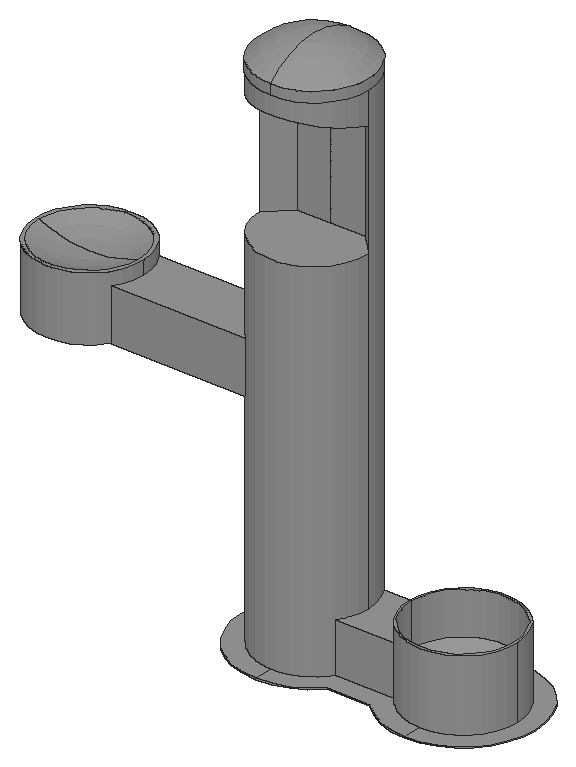
Revit family "Outdoor_Bottle_Filler_Fountain-Willoughby-CWBF-3-RPB-CHD-PET", category Plumbing Fixtures, host Face, Revit 2014
Parameters (values of type "Standard")
  Waste DIA = 1 1/4"
  Waste Connection = yes
  Vent Connection = no
  URL = "www.willoughby-ind"
  Revision = "A"
  Model = "CWBF-2-RPC-CHD-PET"
  Manufacturer = "Willoughby Industries"
  LAV CW DIA = 3/8"
  HW Connection = no
  Fixture Body = Stainless Steel AISI 304-Willoughby
  Description = "Outdoor Bottle Filler And Fountain"
  Default Elevation = 0' - 0"
  Contact = "800.428.4065"
  CW Connection = yes
Reference planes (in)
  plane 1 "Center (Front/Back)": y = 0
  plane 2: z = 0
  plane 3 "Center (Left/Right)": x = 0
  plane 4: y = 4.3125
  plane 5: y = -4.3125
  plane 6 "bottom of Cap": z = 51.10156
  plane 7 "Bottom Of Opening": z = 36.5
  plane 8 "Top of opening": z = 49.05056
  plane 9: z = 12
  plane 10: y = 6.5
  plane 11: y = -6.5
  plane 12: z = 54.22196
  plane 13 "Bottom Of Fountaain": z = 21.75
  plane 14 "Top Of Fountain": z = 7.121
  plane 15: z = 26.871
  plane 16: x = 6.5
  plane 17: x = -22.75
  plane 18: x = -14.75
Forms (in)
  Extrusion 1, solid, material "Stainless Steel AISI 304-Willoughby" <- "Fixture Body"
    sketch origin (0, 0, 0) x (1, 0, 0) y (0, 1, 0)
      loop
        circle (0, 0) r 5.375
    from 0 to 51.10156
  Revolve 2, solid, material "Stainless Steel AISI 304-Willoughby" <- "Fixture Body"
    sketch origin (0, 0, 0) x (0, 1, 0) y (0, 0, 1)
      loop
        line (0, 51.10156) -> (0, 54.22656)
        arc (0, 54.22656) -> (-2.92561, 53.69338) -> (-5.4375, 52.10156) r 7.78063
        line (-5.4375, 52.10156) -> (-5.4375, 51.10156) -> (0, 51.10156)
      axis (0, 54.22656) -> (0, 51.10156)
    angle from 0 to 360
  Revolve 3, solid, material "Stainless Steel AISI 304-Willoughby" <- "Fixture Body"
    sketch origin (0, 0, 0) x (0, 1, 0) y (0, 0, 1)
      loop
        line (0, 0) -> (0, 0.121) -> (-7.25, 0.121) -> (-7.25, 0) -> (0, 0)
      axis (0, 0.121) -> (0, 0)
    angle from 0 to 360
  Extrusion 4, void
    sketch origin (0, 0, 36.5) x (0, 1, 0) y (-1, 0, 0)
      loop
        line (2, 0) -> (2, 3.375) -> (0, 5.375)
        arc (0, 5.375) -> (-5.375, 0) -> (0, -5.375) r 5.375
        line (0, -5.375) -> (2, -3.375) -> (2, 0)
    from 0 to 11.39844
  Extrusion 5, void
    sketch origin (0, 0, 0) x (0, 1, 0) y (0, 0, 1)
      loop
        line (0.0833, 47.89844) -> (-5.5, 49.3618) -> (-5.5, 47.89844) -> (0.0833, 47.89844)
    from -5.45204 to 5.46214
  Revolve 6, solid, material "Stainless Steel AISI 304-Willoughby" <- "Fixture Body", detail levels medium+fine
    sketch origin (0, 0, 0) x (0, 1, 0) y (0, 0, 1)
      loop
        line (0, 12) -> (0, 15) -> (-0.625, 15) -> (-0.625, 12) -> (0, 12)
      axis (0, 15) -> (0, 12)
    angle from 0 to 360
  Revolve 7, solid, material "Stainless Steel AISI 304-Willoughby" <- "Fixture Body", detail levels medium+fine
    sketch origin (0, 0, 0) x (0, 1, 0) y (0, 0, 1)
      loop
        line (1.5, 12) -> (1.6875, 12) -> (1.6875, 15) -> (1.5, 15) -> (1.5, 12)
      axis (1.5, 12) -> (1.5, 15)
    angle from 0 to 360
  Revolve 8, void
    sketch origin (36.58763, 0, -21.63255) x (1, 0, 0) y (0, 0, 1)
      loop
        line (-21.875, 28.75355) -> (-27.04353, 28.75355) -> (-27.04353, 24.50355)
        arc (-27.04353, 24.50355) -> (-24.55604, 23.46843) -> (-21.875, 23.20183) r 9.15959
        line (-21.875, 23.20183) -> (-21.875, 28.75355)
      axis (-21.875, 28.75355) -> (-21.875, 23.20183)
    angle from 0 to 360
  Extrusion 9, solid, material "Stainless Steel AISI 304-Willoughby" <- "Fixture Body"
    sketch origin (-7.125, 0, 21.75) x (1, 0, 0) y (0, 1, 0)
      loop
        circle (21.875, 0) r 5.375
    from -21.75 to -14.629
  Extrusion 10, solid, material "Stainless Steel AISI 304-Willoughby" <- "Fixture Body"
    sketch origin (0, 0, 0) x (-1, 0, 0) y (0, -1, 0)
      loop
        line (-3.90159, 0) -> (-3.90159, 3) -> (-10.29011, 3)
        arc (-10.29011, 3) -> (-9.375, 0) -> (-10.29011, -3) r 5.375
        line (-10.29011, -3) -> (-3.90159, -3) -> (-3.90159, 0)
    from 0 to 5
  Extrusion 11, solid, material "Stainless Steel AISI 304-Willoughby" <- "Fixture Body"
    sketch origin (0, 0, 21.75) x (1, 0, 0) y (0, 1, 0)
      loop
        line (8.98372, 5) -> (4.15331, 5)
        arc (4.15331, 5) -> (6.5, 0) -> (4.15331, -5) r 6.5
        line (4.15331, -5) -> (10.59669, -5)
        arc (10.59669, -5) -> (8.25, 0) -> (10.59669, 5) r 6.5
        line (10.59669, 5) -> (8.98372, 5)
    from -21.75 to -21.629
  Revolve 12, solid, material "Stainless Steel AISI 304-Willoughby" <- "Fixture Body"
    sketch origin (14.75, 0, 0) x (0, 1, 0) y (0, 0, 1)
      loop
        line (0, 0) -> (0, 0.121) -> (-7.25, 0.121) -> (-7.25, 0) -> (0, 0)
      axis (0, 0.121) -> (0, 0)
    angle from 0 to 360
  Extrusion 13, solid, material "Stainless Steel AISI 304-Willoughby" <- "Fixture Body"
    sketch origin (-0.4035, 0, 21.75) x (-1, 0, 0) y (0, -1, 0)
      loop
        circle (21.875, 0) r 5.375
    from 0 to 6.375
  Extrusion 14, solid, material "Stainless Steel AISI 304-Willoughby" <- "Fixture Body"
    sketch origin (-0.4035, 0, 0) x (1, 0, 0) y (0, 0, 1)
      loop
        line (-17.5965, 21.75) -> (-3.72772, 21.75) -> (-3.72772, 26.871) -> (-17.5965, 26.871) -> (-17.5965, 21.75)
    from 3 to -3
  Revolve 15, void
    sketch origin (-0.4035, 0, 0) x (1, 0, 0) y (0, 0, 1)
      loop
        line (-21.875, 28.246) -> (-27.125, 28.246)
        arc (-27.125, 28.246) -> (-24.57174, 27.34663) -> (-21.875, 27.11095) r 10.79194
        line (-21.875, 27.11095) -> (-21.875, 28.246)
      axis (-21.875, 28.246) -> (-21.875, 27.11095)
    angle from 0 to 360
Cuts and joins
  Extrusion 4, Extrusion 5, Revolve 8 cuts Extrusion 1
  Revolve 8 cuts Extrusion 9
  joined: Extrusion 1, Extrusion 9, Extrusion 10
  Revolve 15 cuts Extrusion 13
  joined: Revolve 3, Extrusion 11, Revolve 12
Lines and regions (in)
  symbolic lines
    curve 1: circle (0, 0, 36.5) r 7.25 normal (0, 0, 1)
    curve 2: circle (0, 0, 36.5) r 4.395 normal (0, 0, 1)
    curve 3: circle (0, 0, 36.5) r 4.3125 normal (0, 0, 1)
    curve 4: line (-7.25, 0, 0) -> (6.5, 0, 0)
    curve 5: line (6.5, 0, 0) -> (6.5, 0, 0.121)
    curve 6: line (6.5, 0, 0.121) -> (-7.25, 0, 0.121)
    curve 7: line (-5.375, 0, 0.121) -> (-5.375, 0, 51.10156)
    curve 8: line (-5.43881, 0, 51.10156) -> (5.4382, 0, 51.10156)
    curve 9: line (5.375, 0, 51.10156) -> (5.375, 0, 0.121)
    curve 10: line (5.4382, 0, 51.10156) -> (5.4382, 0, 52.10956)
    curve 11: line (5.4382, 0, 52.10956) -> (-5.43881, 0, 52.10956)
    curve 12: line (-5.43881, 0, 52.10956) -> (-5.43881, 0, 51.10156)
    curve 13: line (0, -7.25, 0) -> (0, 7.25, 0)
    curve 14: line (0, 7.25, 0) -> (0, 7.25, 0.121)
    curve 15: line (0, 7.25, 0.121) -> (0, -7.25, 0.121)
    curve 16: line (0, -7.25, 0.121) -> (0, -7.25, 0)
    curve 17: line (0, -5.403, 51.10156) -> (0, -5.403, 49.33638)
    curve 18: line (0, -5.403, 49.33638) -> (0, 0.0833, 47.89844)
    curve 19: line (0, 0.0833, 47.89844) -> (0, 0.0833, 36.5)
    curve 20: line (0, 0.0833, 36.5) -> (0, -5.375, 36.5)
    curve 21: line (0, -5.375, 36.5) -> (0, -5.375, 0.121)
    curve 22: line (0, 5.395, 51.10156) -> (0, 5.395, 0.121)
    curve 23: line (0, 5.395, 51.10156) -> (0, -5.403, 51.10156)
    curve 24: line (0, -5.403, 51.10156) -> (0, -5.403, 52.10956)
    curve 25: line (0, -5.403, 52.10956) -> (0, 5.395, 52.10956)
    curve 26: line (0, 5.395, 52.10956) -> (0, 5.395, 51.10156)
    curve 27: line (-4.39413, 0, 21.75) -> (-5.375, 0, 21.75)
    curve 30: line (-7.25, 0, 0) -> (-7.25, 0, 0.121)
    curve 31: line (-21.25, 0, 0.121) -> (-21.25, 0, 0)
    curve 32: line (0, 5.395, 7.121) -> (0, -5.375, 7.121)
    curve 33: line (-3.21186, 3, 21.75) -> (-17.81861, 3, 21.75)
    curve 34: line (-17.81861, -3, 21.75) -> (-3.21186, -3, 21.75)
    curve 35: arc (10.29011, -3, 21.75) -> (9.375, 0, 21.75) -> (10.29011, 3, 21.75) r 5.375
    curve 36: arc (10.29011, 3, 21.75) -> (20.125, 0, 21.75) -> (10.29011, -3, 21.75) r 5.375
    curve 37: circle (14.75, 0, 36.5) r 7.25 normal (0, 0, 1)
    curve 38: line (3.09801, -3, 21.75) -> (10.29011, -3, 21.75)
    curve 39: line (10.29011, 3, 21.75) -> (3.21186, 3, 21.75)
    curve 40: line (-4.39413, 0, 21.75) -> (-27.6535, 0, 21.75)
    curve 41: line (-27.6535, 0, 21.75) -> (-27.6535, 0, 28.125)
    curve 42: line (-27.6535, 0, 28.125) -> (-16.9035, 0, 28.125)
    curve 43: line (-16.9035, 0, 28.125) -> (-16.9035, 0, 26.871)
    curve 44: line (-17.82187, 0, 26.871) -> (-17.82187, 0, 21.75)
    curve 45: line (-17.82187, 0, 26.871) -> (-4.39413, 0, 26.871)
    curve 46: line (-4.39413, 0, 26.871) -> (-4.39413, 0, 21.75)
    curve 47: line (5.375, 0, 5) -> (10.29011, 0, 5)
    curve 48: line (9.375, 0, 5) -> (9.375, 0, 7.121)
    curve 49: line (9.41065, 0, 7.12211) -> (20.16065, 0, 7.12211)
    curve 50: line (20.16065, 0, 7.12211) -> (20.16065, 0, 0.121)
    curve 51: line (19.05178, 0, 0.121) -> (22, 0, 0.121)
    curve 52: line (22, 0, 0.121) -> (22, 0, 0)
    curve 53: line (22, 0, 0) -> (8.25, 0, 0)
    curve 54: line (10.29011, 0, 5) -> (10.29011, 0, 0.121)
    curve 55: arc (0, 5.395, 52.10956) -> (0, -0.004, 54.23447) -> (0, -5.403, 52.10956) r 7.92138
    curve 56: arc (-27.6535, 0, 21.75) -> (-22.2785, -5.375, 21.75) -> (-16.9035, 0, 21.75) r 5.375
    curve 57: arc (-16.9035, 0, 21.75) -> (-22.2785, 5.375, 21.75) -> (-27.6535, 0, 21.75) r 5.375
    curve 58: arc (-27.27902, 0, 21.75) -> (-22.2785, 5.00052, 21.75) -> (-17.27798, 0, 21.75) r 5.00052
    curve 59: arc (-17.27798, 0, 21.75) -> (-22.2785, -5.00052, 21.75) -> (-27.27902, 0, 21.75) r 5.00052
    curve 60: arc (5.4382, 0, 52.10956) -> (-0.00031, 0, 54.22196) -> (-5.43881, 0, 52.10956) r 8.05709
    curve 61: line (5.375, 0, 5) -> (4.45989, 0, 5)
    curve 62: line (4.45989, 0, 5) -> (4.45989, 0, 0.121)
  symbolic lines, detail levels medium+fine
    curve 28: line (0, 5.395, 28.246) -> (0, -5.375, 28.246)
    curve 29: line (0, -5.375, 21.871) -> (0, 5.395, 21.871)
Dimensions and locks (in)
  plane 7 "Bottom Of Opening" to level = 3' - 0 1/2"
  plane 10 to plane 11 = 1' - 1"
  plane 4 to plane 5 = 0' - 8 5/8"
  plane 13 "Bottom Of Fountaain" to level = 1' - 9 3/4"
  plane 1 "Center (Front/Back)" to plane 10 = 0' - 6 1/2"
  aligned and locked: plane 2 to host face
  aligned and locked: level to host face
  aligned and locked: Revolve 6 sketch curve to Revolve 6 sketch curve  (x2)
  aligned and locked: Revolve 7 sketch curve to Revolve 7 sketch curve  (x2)
  aligned and locked: Revolve 15 sketch curve to Revolve 15 sketch curve  (x2)
Connectors (in)
  piping at (0, 0, 12), diameter 0.375, driven by "Waste Connection", driven by "LAV CW DIA"
    settings: on Revolve 6, index 1, connector inside diameter 24", connector length 0' - 0", flow factor 0, pipe flow 0 GPM, pressure drop 0.00 psi, fitting loss kfactor 0, connector angle 0.00°, fixture units 0, engagement length 0' - 0", angle of deflection 0.00°, flow configuration 0, flow direction 2, fitting loss method 0, system type 16, joint type 0, gender type 0, connector reference index -1, connector utility 1, adjustable connector no, is connector primary yes, connector description "Drain Waste"
  piping at (0, 1.5, 12), diameter 0.375, driven by "CW Connection"
    settings: on Revolve 7, index 2, connector inside diameter 24", connector length 0' - 0", flow factor 0, pipe flow 0 GPM, pressure drop 0.00 psi, fitting loss kfactor 0, connector angle 0.00°, fixture units 0, engagement length 0' - 0", angle of deflection 0.00°, flow configuration 0, flow direction 1, fitting loss method 0, system type 20, joint type 0, gender type 0, connector reference index -1, connector utility 1, adjustable connector no, is connector primary no, connector description "CW Inlet"
